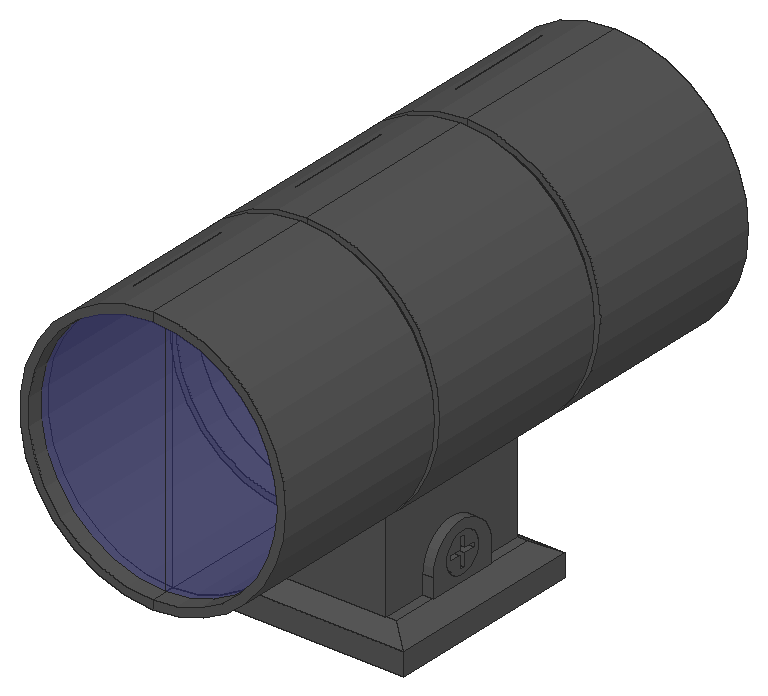
Revit family "CARLO CYLINDER LIGHT WALL MOUNT", category Lighting Fixtures, host Face, Revit 2020 (continued)
Types (10): name | Wattage_Input | Wattage Comments | Wattage | Photometric Web File | built-in parameter 1150142 | Model | built-in parameter 1150105 | Lumens | Light Length 1 | LIGHT RADIUS | LIGHT PLACEMENT | LIGHT LENGTH | LIGHT DIA | built-in parameter 1150106 | FIXED END HEIGHT | Curve base Height | Base Curve | BEAMING ANGLE | Apparent Load
    477.6 1422.5 \r\n 1366.6 1310.1 1252.8 1194.3 1135.6 1077.6 1020.6 965.31 911.76 860.1 \r\n 810.85 764.38 721.39 682.68 648.29 618.5 593.35 573.48 557.37 543.86 \r\n 532.62 522.96 514.86 508.19 502.6 497.7 493.39 489.46 485.86 482.5 \r\n 479.31 476.18 473.12 470.32 467.12 462.58 457.71 453.77 449.12 443.09 \r\n 434.08 419.89 401.72 379.7 354.9 328.57 300.32 269.58 238.22 207.79 \r\n 178.68 152.4 127.17 100.38 76.065 57.637 44.371 38.004 34.568 30.13 \r\n 26.325 23.556 21.582 20.455 19.705 18.817 17.984 17.236 16.549 15.918 \r\n 15.308 14.668 14.038 13.44 12.879 12.384 11.906 11.39 10.882 10.425 \r\n 9.9786 9.5081 9.044 8.6125 8.1917 7.7611 7.3428 6.9604 6.5887 6.1997 \r\n 5.8247 5.498 5.1824 4.8408 4.5068 4.2081 3.9253 3.6454 3.3774 3.1288 \r\n 2.8921 2.6592 2.4398 2.2425 2.0621 1.8957 1.745 1.6103 1.4933 1.3983 \r\n 1.3185 1.2452 1.1883 1.1553 1.1451 1.1572 1.1967 1.2791 1.3727 1.448 \r\n 1.5138 1.5826 1.6282 1.6196 1.5839 1.5458 1.4818 1.3642 1.2292 1.1132 \r\n 0.98689 0.81745 0.65135 0.53655 0.43576 0.31893 0.21229 0.13613 0.078194 0.031039 \r\n 0.00057432 0 0.000000 0.041773 0.10121 0.16063 0.2425 0.37957 0.52342 0.61574 \r\n 0.719 0.90576 1.0875 1.1715 1.2434 1.3867 1.5149 1.5446 1.5492 1.5947 \r\n 1.6192 1.5653 1.4846 1.4158 1.3406 1.2435 1.1549 1.1041 1.0783 1.0726 \r\n 1.0927 1.1477 1.2229 1.3042 1.3987 1.5062 1.6333 1.7899 1.9656 2.1502 \r\n 2.3525 2.5825 2.8266 3.0709 3.3254 3.5971 3.8806 4.1703 4.474 4.8013 \r\n 5.1414 5.4865 5.8365 6.1845 6.5429 6.9262 7.321 7.7161 8.1194 8.5364 \r\n 8.9632 9.3957 9.841 10.309 10.788 11.261 11.747 12.261 12.804 13.393 \r\n 13.999 14.594 15.202 15.824 16.504 17.318 18.163 18.883 19.716 20.739 \r\n 22.276 24.835 27.936 30.855 34.831 39.992 48.959 65.316 86.312 110.72 \r\n 137.54 165.27 194.11 223.92 254.16 284.5 314.25 342.89 369.55 393.66 \r\n 413.8 427.74 437.37 443.08 447.06 452.09 456.72 460.2 463.28 466.52 \r\n 469.75 472.98 476.27 479.66 483.26 487.14 491.42 496.11 501.52 507.85 \r\n 515.46 524.69 535.75 548.66 564.3 583.37 606.42 634.27 666.77 704.33 \r\n 746.09 791.56 840 890.33 943.13 999.19 1056.8 1114.6 1172.6 1230.7 \r\n 1288.5 1345.5 1401.6 1456.4 1510.2 1562.8 1614.7 1666.7 1717.7 1766.9 \r\n 1815.1 1863.6 1911.4 1957.7 2003.9 2051.9 2098.8 2142.2 2182.6 2219.3 \r\n 2252.7 2283.1 2310.4 2334.6 2355.3 2372.1 2385.3 2394.4 2400.6 2404.7 \r\n 2407.6 2410.3 2412.6 2414.8 2416.5 2416.8 2416.7 2416.8 2417.1 2418.1 \r\n 2421.2 \r\n2410.7 2419 2419.3 2419.6 2420 2421.1 2422.1 2422.4 2422.4 2422.3 \r\n 2421.9 2420.9 2418.9 2415.7 2410.5 2402.2 2390.6 2375.4 2356.5 2333.4 \r\n 2306.6 2275.9 2241.9 2205.2 2165.3 2121.5 2075.7 2029.6 1983.2 1937.4 \r\n 1891.2 1844.1 1795.8 1745.2 1693.6 1642.2 1590.3 1537.2 1483.2 1428.2 \r\n 1372.4 1316.1 1258.9 1200.4 1141.6 1083.4 1026.2 970.63 916.79 864.76 \r\n 815.14 768.37 725.08 686.04 651.32 621.21 595.76 575.62 559.26 545.5 \r\n 534.04 524.21 515.97 509.14 503.4 498.42 494.06 490.1 486.5 483.12 \r\n 479.92 476.79 473.74 470.95 467.77 463.24 458.41 454.5 450 444.4 \r\n 435.87 422.01 404.1 382.23 357.53 331.26 303.09 272.52 241.3 210.86 \r\n 181.55 154.64 128.79 101.86 77.478 58.735 45.14 38.576 35.004 30.48 \r\n 26.608 23.748 21.7 20.547 19.793 18.906 18.073 17.305 16.598 15.963 \r\n 15.355 14.716 14.087 13.487 12.922 12.419 11.935 11.423 10.919 10.456 \r\n 10.003 9.5324 9.0698 8.6407 8.2224 7.7928 7.3751 6.994 6.6224 6.2298 \r\n 5.851 5.5239 5.208 4.863 4.5258 4.2275 3.9452 3.6622 3.391 3.1422 \r\n 2.9054 2.6692 2.4461 2.2471 2.0648 1.8945 1.7397 1.6014 1.4817 1.3851 \r\n 1.3041 1.229 1.1714 1.1405 1.1331 1.1469 1.1876 1.2713 1.3658 1.4412 \r\n 1.5076 1.5778 1.6241 1.6128 1.5756 1.5438 1.485 1.3608 1.2206 1.116 \r\n 1.0004 0.82341 0.6485 0.53972 0.44516 0.32142 0.20701 0.13265 0.078325 0.031364 \r\n 0.00043536 0 0 0.035687 0.089736 0.15233 0.23663 0.36508 0.50008 0.59388 \r\n 0.69945 0.87997 1.057 1.1481 1.2289 1.3737 1.5038 1.5437 1.5582 1.6048 \r\n 1.6291 1.5791 1.5043 1.445 1.3769 1.2772 1.182 1.1238 1.0906 1.0803 \r\n 1.0963 1.1455 1.2152 1.2932 1.3845 1.4881 1.6101 1.7591 1.927 2.1065 \r\n 2.304 2.5274 2.7647 3.0031 3.2529 3.5238 3.8052 4.0842 4.3771 4.7024 \r\n 5.0407 5.3766 5.7177 6.0645 6.4224 6.799 7.1878 7.5851 7.991 8.4039 \r\n 8.8253 9.2544 9.696 10.157 10.63 11.105 11.593 12.095 12.624 13.199 \r\n 13.794 14.382 14.983 15.595 16.257 17.032 17.836 18.541 19.336 20.264 \r\n 21.634 23.885 26.675 29.531 33.294 37.655 45.587 60.722 80.772 105.33 \r\n 132.38 159.41 187.56 217.53 248.16 278.73 308.7 337.53 364.5 389.23 \r\n 410.18 425.22 435.79 441.74 445.68 450.6 455.14 458.75 462 465.27 \r\n 468.51 471.73 475.01 478.42 482.01 485.85 490.04 494.61 499.89 506.06 \r\n 513.45 522.36 533.03 545.58 560.73 579.03 601.15 627.98 659.48 696.19 \r\n 737.19 782.01 829.93 879.91 932.43 988.11 1045.5 1103.2 1161.3 1219.6 \r\n 1277.7 1334.8 1390.9 1445.8 1499.6 1552.4 1604.3 1655.9 1706.6 1755.9 \r\n 1804.4 1852.8 1900.5 1946.9 1993.1 2041.3 2088.4 2132.2 2173.1 2210.5 \r\n 2244.8 2276.2 2304.5 2329.4 2350.7 2368.4 2382.3 2392.1 2398.8 2403.2 \r\n 2406.2 2409.1 2411.6 2413.9 2415.6 2416.3 2416.4 2416.7 2417.1 2418.1 \r\n 2421.2 \r\n2410.7 2418.8 2419.2 2419.6 2420.2 2421.1 2422 2422.6 2422.8 2422.9 \r\n 2422.5 2421.8 2420.1 2417 2411.9 2403.7 2392.4 2377.5 2358.8 2335.9 \r\n 2309.2 2278.6 2244.6 2208.2 2168.7 2125.2 2079.7 2033.9 1987.8 1942.1 \r\n 1896 1849.3 1801.3 1750.4 1698.3 1646.8 1594.9 1541.9 1488.1 1433.2 \r\n 1377.4 1321.2 1264.2 1205.7 1146.8 1088.4 1031 975.16 921.03 868.66 \r\n 818.71 771.68 728.15 688.87 653.9 623.56 597.88 577.53 560.97 546.97 \r\n 535.31 525.35 516.99 510.01 504.15 499.08 494.67 490.7 487.08 483.7 \r\n 480.49 477.36 474.31 471.54 468.37 463.85 459.03 455.17 450.82 445.62 \r\n 437.54 423.95 406.21 384.39 359.68 333.39 305.24 274.89 243.85 213.39 \r\n 183.84 156.24 129.74 102.74 78.421 59.502 45.698 38.981 35.297 30.731 \r\n 26.837 23.917 21.812 20.639 19.879 18.991 18.155 17.367 16.638 15.998 \r\n 15.391 14.757 14.131 13.529 12.96 12.45 11.961 11.452 10.953 10.484 \r\n 10.025 9.5541 9.0935 8.6672 8.2517 7.823 7.4058 7.0267 6.6558 6.259 \r\n 5.8754 5.5475 5.231 4.8822 4.5415 4.2438 3.9622 3.6758 3.401 3.152 \r\n 2.9148 2.6754 2.4486 2.2478 2.0635 1.8894 1.7304 1.5885 1.4658 1.368 \r\n 1.2865 1.2101 1.1521 1.1241 1.1203 1.1366 1.1794 1.2645 1.36 1.4357 \r\n 1.5025 1.5729 1.6188 1.6041 1.565 1.5393 1.4858 1.3553 1.2099 1.1166 \r\n 1.0118 0.82769 0.64434 0.54126 0.45265 0.32255 0.20089 0.12787 0.076762 0.030777 \r\n 0.0002752 0 0.000000 0.029793 0.078976 0.14634 0.23409 0.35173 0.47609 0.57439 \r\n 0.68502 0.85643 1.0257 1.126 1.2178 1.3618 1.4915 1.5431 1.5692 1.6156 \r\n 1.6382 1.5931 1.5253 1.4753 1.4142 1.313 1.2125 1.1474 1.1072 1.0926 \r\n 1.1044 1.147 1.2105 1.2857 1.3749 1.4753 1.5928 1.7344 1.8948 2.0697 \r\n 2.2627 2.4792 2.7094 2.9425 3.1883 3.4582 3.7374 4.007 4.2904 4.613 \r\n 4.9492 5.277 5.6103 5.9563 6.3139 6.6838 7.0671 7.4675 7.877 8.2866 \r\n 8.703 9.1291 9.5671 10.021 10.488 10.964 11.452 11.944 12.458 13.018 \r\n 13.6 14.182 14.778 15.382 16.026 16.762 17.523 18.215 18.974 19.811 \r\n 21.009 22.913 25.351 28.117 31.673 35.337 42.329 56.222 75.275 99.939 \r\n 127.22 153.57 181.08 211.25 242.31 273.08 303.23 332.24 359.51 384.8 \r\n 406.52 422.68 434.23 440.45 444.36 449.18 453.62 457.39 460.82 464.13 \r\n 467.36 470.57 473.84 477.27 480.86 484.64 488.75 493.22 498.36 504.38 \r\n 511.55 520.14 530.44 542.65 557.34 574.9 596.15 621.98 652.47 688.31 \r\n 728.55 772.7 820.08 869.71 921.95 977.21 1034.2 1091.8 1150 1208.7 \r\n 1267 1324.3 1380.5 1435.4 1489.3 1542.2 1594.2 1645.3 1695.6 1745.1 \r\n 1793.8 1842.2 1889.8 1936.2 1982.6 2030.9 2078.3 2122.4 2163.8 2202 \r\n 2237.1 2269.6 2298.8 2324.3 2346.3 2364.8 2379.5 2389.9 2397.2 2401.9 \r\n 2405 2408.1 2410.7 2413.1 2414.9 2415.8 2416.3 2416.7 2417.1 2418.1 \r\n 2421.2 \r\n2410.7 2418.6 2419.2 2419.7 2420.3 2421.1 2422 2422.7 2423.3 2423.4 \r\n 2423.1 2422.6 2421.2 2418.2 2413.1 2405 2393.9 2379.1 2360.6 2337.9 \r\n 2311.3 2280.6 2246.7 2210.6 2171.4 2128.1 2082.8 2037.4 1991.5 1945.8 \r\n 1899.6 1853.3 1805.6 1754.4 1702 1650.3 1598.4 1545.5 1491.8 1436.9 \r\n 1381.2 1325.2 1268.3 1209.8 1150.8 1092.3 1034.6 978.51 924.1 871.44 \r\n 821.22 774.01 730.33 690.88 655.77 625.33 599.55 579.05 562.34 548.16 \r\n 536.33 526.28 517.85 510.75 504.78 499.65 495.2 491.21 487.59 484.19 \r\n 480.98 477.86 474.82 472.06 468.91 464.37 459.57 455.75 451.52 446.69 \r\n 438.99 425.58 407.91 386.03 361.22 334.83 306.66 276.52 245.66 215.16 \r\n 185.37 157.13 130.04 103.04 78.852 59.907 46.037 39.223 35.453 30.882 \r\n 26.997 24.045 21.906 20.72 19.954 19.063 18.221 17.413 16.664 16.02 \r\n 15.414 14.784 14.164 13.562 12.989 12.473 11.979 11.475 10.979 10.506 \r\n 10.042 9.5701 9.1114 8.6882 8.2757 7.8478 7.4309 7.054 6.684 6.2832 \r\n 5.8949 5.5657 5.2482 4.8961 4.5524 4.2554 3.9744 3.6849 3.4068 3.1572 \r\n 2.9196 2.6774 2.4476 2.2449 2.0587 1.8814 1.719 1.5737 1.4483 1.3499 \r\n 1.2684 1.1912 1.1333 1.1083 1.1082 1.1274 1.1726 1.2591 1.3553 1.4314 \r\n 1.4985 1.5682 1.6126 1.5944 1.5533 1.5327 1.4839 1.3481 1.1985 1.1148 \r\n 1.0192 0.82965 0.63966 0.54111 0.45725 0.32236 0.19515 0.12293 0.0742 0.029609 \r\n 0.00012102 0 0 0.024008 0.068546 0.14126 0.23279 0.33866 0.45179 0.55655 \r\n 0.67401 0.83482 0.99454 1.1044 1.208 1.35 1.4781 1.5416 1.5797 1.6256 \r\n 1.6464 1.6072 1.5472 1.5055 1.4505 1.3489 1.2446 1.1732 1.1261 1.107 \r\n 1.1142 1.1494 1.2062 1.279 1.3667 1.4644 1.5779 1.7127 1.8661 2.0371 \r\n 2.2262 2.4358 2.6593 2.888 3.1307 3.3992 3.676 3.9379 4.2134 4.5334 \r\n 4.8672 5.1881 5.5151 5.8605 6.2177 6.5812 6.9592 7.3633 7.777 8.1837 \r\n 8.5955 9.0192 9.4538 9.9007 10.361 10.838 11.325 11.806 12.306 12.851 \r\n 13.42 13.998 14.59 15.188 15.817 16.515 17.236 17.917 18.645 19.4 \r\n 20.433 21.981 24.058 26.715 30.073 33.145 39.303 51.981 70.014 94.674 \r\n 122.09 147.86 174.85 205.26 236.73 267.65 297.94 327.15 354.73 380.52 \r\n 402.92 420.17 432.7 439.22 443.14 447.86 452.21 456.14 459.76 463.11 \r\n 466.32 469.53 472.79 476.23 479.82 483.55 487.57 491.95 496.96 502.82 \r\n 509.78 518.07 528.02 539.89 554.14 571.05 591.48 616.34 645.83 680.81 \r\n 720.29 763.78 810.62 859.9 911.82 966.67 1023.3 1080.8 1139.1 1198 \r\n 1256.7 1314.1 1370.5 1425.5 1479.4 1532.4 1584.4 1635.2 1685.1 1734.7 \r\n 1783.7 1832 1879.6 1926.1 1972.5 2020.9 2068.5 2113 2154.9 2193.8 \r\n 2229.9 2263.3 2293.4 2319.6 2342.2 2361.3 2376.7 2387.9 2395.8 2400.7 \r\n 2404 2407.2 2410 2412.3 2414.2 2415.5 2416.3 2416.7 2417.2 2418.1 \r\n 2421.2 \r\n2410.7 2418.6 2419.2 2419.9 2420.5 2421.2 2422 2423 2423.8 2423.9 \r\n 2423.6 2423.3 2422.1 2419.2 2414 2406 2394.9 2380.2 2361.7 2339.1 \r\n 2312.5 2281.8 2247.9 2211.9 2173 2129.9 2084.8 2039.6 1993.8 1948 \r\n 1901.8 1855.7 1808.1 1756.7 1704 1652.3 1600.4 1547.6 1493.9 1439.1 \r\n 1383.5 1327.5 1270.7 1212.2 1153.2 1094.5 1036.6 980.28 925.63 872.74 \r\n 822.35 775.04 731.31 691.82 656.7 626.31 600.58 580.04 563.24 548.95 \r\n 537.02 526.93 518.47 511.3 505.25 500.08 495.61 491.61 487.99 484.58 \r\n 481.36 478.24 475.22 472.48 469.34 464.79 459.99 456.21 452.1 447.54 \r\n 440.09 426.78 409.07 387.02 362 335.44 307.18 277.23 246.55 215.99 \r\n 185.98 157.26 129.74 102.76 78.731 59.92 46.151 39.304 35.479 30.927 \r\n 27.072 24.118 21.97 20.78 20.009 19.111 18.26 17.436 16.673 16.024 \r\n 15.419 14.795 14.181 13.579 13.005 12.485 11.987 11.486 10.994 10.517 \r\n 10.049 9.5772 9.1202 8.7001 8.2905 7.863 7.4463 7.0713 6.7024 6.2986 \r\n 5.9065 5.5757 5.2568 4.9023 4.5569 4.2604 3.9799 3.6883 3.4078 3.1574 \r\n 2.919 2.6751 2.4432 2.2389 2.0511 1.8719 1.7073 1.5594 1.432 1.3335 \r\n 1.2526 1.175 1.1175 1.0952 1.0984 1.1217 1.1678 1.2551 1.3517 1.4283 \r\n 1.4956 1.5637 1.6058 1.5846 1.5417 1.5244 1.4788 1.3398 1.1878 1.1102 \r\n 1.0208 0.82863 0.63523 0.53919 0.45797 0.32091 0.19104 0.11896 0.071338 0.028188 \r\n 0 0 0.0006299 0.0186 0.058064 0.13565 0.23066 0.32504 0.42749 0.53967 \r\n 0.6647 0.81482 0.9644 1.0829 1.1973 1.3372 1.4636 1.5379 1.5872 1.6334 \r\n 1.6537 1.6213 1.5695 1.5345 1.484 1.3831 1.2765 1.1995 1.1455 1.1211 \r\n 1.1227 1.15 1.1998 1.2702 1.3567 1.4518 1.5619 1.6909 1.8384 2.0061 \r\n 2.1918 2.3954 2.613 2.8384 3.0787 3.3453 3.6195 3.8759 4.1458 4.4634 \r\n 4.7949 5.1106 5.4328 5.7778 6.1344 6.4919 6.8649 7.2725 7.6902 8.0943 \r\n 8.5019 8.9237 9.3559 9.7963 10.25 10.727 11.212 11.684 12.171 12.701 \r\n 13.258 13.833 14.425 15.019 15.636 16.301 16.987 17.662 18.364 19.051 \r\n 19.936 21.153 22.889 25.428 28.601 31.186 36.626 48.163 65.183 89.655 \r\n 117.06 142.41 169.07 199.7 231.51 262.55 292.96 322.39 350.3 376.51 \r\n 399.52 417.77 431.23 438.07 442.05 446.67 450.94 455.03 458.84 462.23 \r\n 465.43 468.62 471.88 475.32 478.91 482.58 486.52 490.81 495.71 501.4 \r\n 508.15 516.17 525.8 537.34 551.17 567.49 587.2 611.13 639.66 673.8 \r\n 712.53 755.39 801.71 850.61 902.2 956.64 1013 1070.4 1128.7 1187.8 \r\n 1246.8 1304.5 1361 1416.1 1470.1 1523.3 1575.4 1625.8 1675.5 1725.2 \r\n 1774.4 1822.7 1870.2 1916.6 1963.2 2011.6 2059.3 2104.2 2146.7 2186.3 \r\n 2223.2 2257.5 2288.5 2315.3 2338.3 2358.1 2374.2 2386.1 2394.5 2399.7 \r\n 2403.2 2406.5 2409.3 2411.7 2413.7 2415.2 2416.3 2416.8 2417.3 2418.2 \r\n 2421.2 \r\n2410.7 2418.8 2419.6 2420.2 2420.8 2421.6 2422.5 2423.5 2424.4 2424.3 \r\n 2423.9 2423.7 2422.7 2419.7 2414.5 2406.4 2395.1 2380 2361 2338.1 \r\n 2311.3 2280.5 2246.5 2210.3 2171.2 2128.2 2083.1 2037.8 1991.9 1945.9 \r\n 1899.6 1853.1 1805.2 1753.9 1701.5 1650 1598.1 1545.1 1491.2 1436.6 \r\n 1381.2 1325.2 1268.3 1209.7 1150.7 1092 1034 977.51 922.66 869.74 \r\n 819.42 772.31 728.83 689.53 654.68 624.85 599.66 579.34 562.65 548.52 \r\n 536.71 526.73 518.35 511.26 505.26 500.13 495.68 491.68 488.05 484.64 \r\n 481.41 478.3 475.28 472.59 469.49 464.91 460.09 456.38 452.32 447.74 \r\n 440.2 426.69 408.72 386.29 360.89 334.05 305.61 275.64 245 214.35 \r\n 184.36 156.1 129.01 101.86 77.685 59.338 46.083 39.342 35.488 30.886 \r\n 26.98 24.051 21.943 20.767 19.996 19.077 18.204 17.381 16.626 15.979 \r\n 15.376 14.756 14.146 13.547 12.974 12.458 11.964 11.459 10.964 10.489 \r\n 10.022 9.5499 9.0921 8.6744 8.267 7.8383 7.4198 7.0443 6.676 6.2757 \r\n 5.8864 5.5523 5.2304 4.8799 4.5391 4.2421 3.9608 3.6724 3.3949 3.1433 \r\n 2.9035 2.6621 2.433 2.2286 2.041 1.8655 1.7051 1.559 1.433 1.3365 \r\n 1.2571 1.1799 1.122 1.0986 1.1003 1.1206 1.1662 1.2519 1.3474 1.4242 \r\n 1.4914 1.5569 1.5966 1.5768 1.5351 1.5138 1.4655 1.334 1.1879 1.0998 \r\n 1.001 0.82013 0.63864 0.53545 0.44653 0.31826 0.19839 0.12502 0.073486 0.028999 \r\n 0.00011136 0 0.00053216 0.011286 0.043527 0.12069 0.21594 0.30508 0.40358 0.52093 \r\n 0.65107 0.79713 0.94094 1.0563 1.1703 1.3161 1.4488 1.5228 1.5731 1.6296 \r\n 1.6619 1.6384 1.5926 1.5581 1.5062 1.4058 1.2984 1.217 1.1557 1.1199 \r\n 1.1095 1.1277 1.1704 1.2366 1.32 1.4116 1.5188 1.6469 1.7938 1.9592 \r\n 2.1427 2.3457 2.5631 2.788 3.0271 3.2902 3.5614 3.8184 4.0901 4.4092 \r\n 4.7414 5.0549 5.3745 5.7197 6.0754 6.4261 6.7927 7.2014 7.6207 8.02 \r\n 8.4227 8.8447 9.2771 9.7144 10.163 10.632 11.108 11.574 12.057 12.583 \r\n 13.138 13.717 14.315 14.917 15.538 16.195 16.871 17.55 18.246 18.906 \r\n 19.726 20.81 22.393 24.842 27.86 30.12 35.073 45.878 62.083 85.68 \r\n 112.49 138.09 165.23 196.01 227.88 258.88 289.32 319.16 347.55 374.02 \r\n 397.32 416.15 430.15 437.23 441.3 445.88 450.09 454.3 458.24 461.65 \r\n 464.84 468.04 471.29 474.7 478.25 481.85 485.72 489.95 494.76 500.28 \r\n 506.82 514.67 524.09 535.29 548.72 564.63 583.84 607.03 634.78 668.21 \r\n 706.32 748.8 794.78 843.19 894.35 948.62 1004.9 1062.1 1120.3 1179.7 \r\n 1238.9 1296.9 1353.7 1409 1463.1 1516.5 1568.7 1619.2 1668.9 1718.7 \r\n 1767.9 1816.2 1863.7 1910 1956.4 2004.7 2052.5 2098 2141.2 2181.3 \r\n 2218.7 2253.5 2284.9 2312.2 2335.8 2356 2372.6 2384.9 2393.8 2399.2 \r\n 2402.8 2406.1 2408.9 2411.4 2413.5 2415.1 2416.2 2416.8 2417.3 2418.2 \r\n 2421.2 \r\n2410.7 2419.1 2420.1 2420.6 2421.1 2422 2423 2424.1 2424.9 2424.7 \r\n 2424.1 2424.1 2423 2420.1 2414.8 2406.5 2394.9 2379.2 2359.7 2336.3 \r\n 2309.2 2278.3 2244.2 2207.8 2168.4 2125.3 2080.2 2034.6 1988.4 1942.3 \r\n 1895.8 1848.8 1800.5 1749.5 1697.4 1646.1 1594.3 1541 1486.8 1432.5 \r\n 1377.4 1321.3 1264.2 1205.6 1146.6 1087.9 1029.9 973.19 918.19 865.32 \r\n 815.17 768.34 725.2 686.21 651.76 622.62 598.1 578.09 561.6 547.68 \r\n 536.07 526.23 517.98 511.01 505.11 500.04 495.62 491.63 488 484.58 \r\n 481.35 478.24 475.24 472.59 469.53 464.92 460.07 456.43 452.41 447.7 \r\n 439.93 426.13 4
